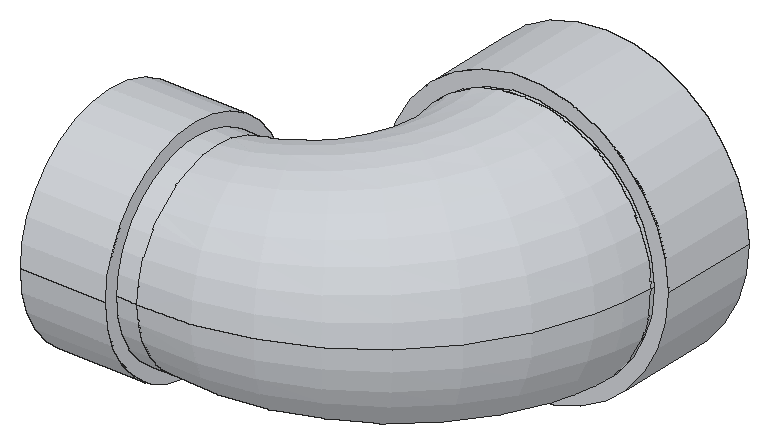
Revit family "5f4fabd4b5d1463e874faef75e58d9a2", category Pipe Fittings, Revit 2021
Family settings
  Round Connector Dimension = Use Radius
  Part Type = Elbow
  OmniClass Number = 23.60.30.11.14
  OmniClass Title = Pipework Fittings
  Seek Item ID = Closet Bend Reducing - PVC - Sch 40 - DWV-0000-USA-ENU
  Work Plane-Based = No
  Always vertical = Yes
  Cut with Voids When Loaded = No
  Shared = No
Parameters (values of type "Standard")
  Wall Thickness 2 [instance] = size_lookup(Lookup Table Name, "WThk", 0.02 * Nominal Diameter 2 + 33/256", Nominal Diameter 2)  # 1/4"
  Wall Thickness 1 [instance] = size_lookup(Lookup Table Name, "WThk", 0.02 * Nominal Diameter 1 + 33/256", Nominal Diameter 1)  # 0.219"
  Tick Size 2 [instance] = Fitting Outside Diameter 2 * 0.4  # 1.8"
  Tick Size 1 [instance] = Fitting Outside Diameter 1 * 0.4  # 1.4"
  Socket Outside Radius 2 [instance] = Socket Outside Diameter 2 / 2  # 2.51"
  Socket Outside Radius 1 [instance] = Socket Outside Diameter 1 / 2  # 1.979"
  Socket Outside Diameter 2 [instance] = Socket Entrance Diameter 2 + Wall Thickness 2 * 2  # 5.02"
  Socket Outside Diameter 1 [instance] = Socket Entrance Diameter 1 + Wall Thickness 1 * 2  # 3.958"
  Loss Method = Not Defined
  Lookup Table Name = "Closet Bend Reducing - PVC - Sch 40 - DWV"
  Length 6 [instance] = Socket Depth 2 * sin(Angle)  # 1 3/4"
  Length 5 [instance] = Socket Depth 2 * cos(Angle)  # 0"
  Socket Entrance Diameter 2 [instance] = size_lookup(Lookup Table Name, "SED", 1.04 * Nominal Diameter 2 + 95/256", Nominal Diameter 2)  # 4.52"
  Socket Entrance Diameter 1 [instance] = size_lookup(Lookup Table Name, "SED", 1.04 * Nominal Diameter 1 + 95/256", Nominal Diameter 1)  # 3.52"
  Socket Depth 2 [instance] = size_lookup(Lookup Table Name, "SDpt", 0.5 * Nominal Diameter 2, Nominal Diameter 2)  # 1 3/4"
  Socket Depth 1 [instance] = size_lookup(Lookup Table Name, "SDpt", 0.5 * Nominal Diameter 1, Nominal Diameter 1)  # 1 1/2"
  Nominal Radius 2 [instance] = 2"
  Nominal Radius 1 [instance] = 1 1/2"
  Nominal Diameter 2 [instance] = Nominal Radius 2 * 2  # 4"
  Nominal Diameter 1 [instance] = Nominal Radius 1 * 2  # 3"
  Min Nominal Diameter 12 [instance] = if(Nominal Diameter 1 < Nominal Diameter 2, Nominal Diameter 1, Nominal Diameter 2)  # 3"
  Min Center to Socket Bottom 12 [instance] = if(Center to Socket Bottom 1 < Center to Socket Bottom 2, Center to Socket Bottom 1, Center to Socket Bottom 2)  # 3"
  Max Socket Outside Radius 12 [instance] = if(Socket Outside Radius 1 > Socket Outside Radius 2, Socket Outside Radius 1, Socket Outside Radius 2)  # 2.51"
  Max Nominal Diameter 12 [instance] = if(Nominal Diameter 1 > Nominal Diameter 2, Nominal Diameter 1, Nominal Diameter 2)  # 4"
  Max Center to Socket Bottom 12 [instance] = if(Center to Socket Bottom 1 > Center to Socket Bottom 2, Center to Socket Bottom 1, Center to Socket Bottom 2)  # 3 3/8"
  Length 8 [instance] = Length 4 Label * sin(Angle)  # 1/16"
  Length 7 [instance] = Length 4 Label * cos(Angle)  # 0"
  Length 4 Label [instance] = if(Length 4 > 1/16", Length 4, 1/16")  # 1/16"
  Length 4 [instance] = if(Nominal Diameter 1 > Nominal Diameter 2, abs(Center to Socket Bottom 1 - Center to Socket Bottom 2), 1/32")  # 1/32"
  Length 3 [instance] = if(Nominal Diameter 1 > Nominal Diameter 2, Max Center to Socket Bottom 12, Min Center to Socket Bottom 12)  # 3"
  Length 2 Label [instance] = if(Length 2 > 1/16", Length 2, 1/16")  # 3/8"
  Length 2 [instance] = if(Nominal Diameter 1 < Nominal Diameter 2, abs(Max Center to Socket Bottom 12 - Length 1), 1/32")  # 3/8"
  Length 1 [instance] = Center Radius Label * tan(Angle / 2)  # 3"
  Fitting Outside Radius 2 [instance] = Fitting Outside Diameter 2 / 2  # 2 1/4"
  Fitting Outside Radius 1 [instance] = Fitting Outside Diameter 1 / 2  # 1 3/4"
  Fitting Outside Diameter 2 [instance] = size_lookup(Lookup Table Name, "FOD", 1.04 * Nominal Diameter 2 + 23/64", Nominal Diameter 2)  # 4 1/2"
  Fitting Outside Diameter 1 [instance] = size_lookup(Lookup Table Name, "FOD", 1.04 * Nominal Diameter 1 + 23/64", Nominal Diameter 1)  # 3 1/2"
  Default Elevation = 0' - 0"
  Center to Socket Bottom 2 [instance] = size_lookup(Lookup Table Name, "CtSB2", 0.75 * Max Nominal Diameter 12, Nominal Diameter 1, Nominal Diameter 2)  # 3"
  Center to Socket Bottom 1 [instance] = size_lookup(Lookup Table Name, "CtSB1", 0.84 * Max Nominal Diameter 12, Nominal Diameter 1, Nominal Diameter 2)  # 3 3/8"
  Center Radius Label [instance] = if(Center Radius > Max Socket Outside Radius 12, Center Radius, Max Socket Outside Radius 12 + 1/2")  # 3"
  Center Radius [instance] = Min Center to Socket Bottom 12 / tan(Angle / 2)  # 3"
  Length 10 [instance] = Center Radius Label - Center Radius Label * cos(Angle)  # 3"
  Length 9 [instance] = Center Radius Label * sin(Angle)  # 3"
  Angle [instance] = 90.00°
Reference planes (in)
  plane 1 "Center (Front/Back)": y = 0
  plane 2: z = 0
  plane 3 "Center (Left/Right)": x = 0
  plane 4: x = -3
  plane 5: y = 3
  plane 6: y = 3
  plane 7: x = 0
  plane 8: y = 3.0625
  plane 9: x = 0
  plane 10: y = 4.8125
  plane 11: x = 0
  plane 12: y = 1.4
  plane 13: y = -1.4
  plane 14: x = -3.375
  plane 15: x = -4.875
Forms (in)
  SweptBlend 1, solid, detail levels fine
    path in 3D
      loop
        arc (-3, 0, 0) -> (-0.87868, 0.87868, 0) -> (0, 3, 0) r 3
    profile origin (-3, 0, 0) x (0, 1, 0) y (0, 0, 1)
      loop
        circle (0, 0) r 1.75
    end profile origin (0, 3, 0) x (-1, 0, 0) y (0, 0, 1)
      loop
        circle (0, 0) r 2.25
  Sweep 2, solid, detail levels fine
    path in 3D
      loop
        line (0, 3, 0) -> (0, 3.0625, 0)
    profile origin (0, 3.03125, 0) x (-1, 0, 0) y (0, 0, 1)
      loop
        circle (0, 0) r 2.25
  Sweep 3, solid, detail levels fine
    path in 3D
      loop
        line (0, 3.0625, 0) -> (0, 4.8125, 0)
    profile origin (0, 3.9375, 0) x (-1, 0, 0) y (0, 0, 1)
      loop
        circle (0, 0) r 2.51
  Sweep 4, solid, detail levels fine
    path in 3D
      loop
        line (-4.875, 0, 0) -> (-3.375, 0, 0)
    profile origin (-4.125, 0, 0) x (0, 1, 0) y (0, 0, 1)
      loop
        circle (0, 0) r 1.979
  Sweep 5, solid, detail levels fine
    path in 3D
      loop
        line (-3.375, 0, 0) -> (-3, 0, 0)
    profile origin (-3.1875, 0, 0) x (0, 1, 0) y (0, 0, 1)
      loop
        circle (0, 0) r 1.75
Cuts and joins
  joined: SweptBlend 1, Sweep 2, Sweep 3, Sweep 4, Sweep 5
Lines and regions (in)
  model lines, detail levels coarse+medium
    curve 1: arc (-3, 0, 0) -> (-0.87868, 0.87868, 0) -> (0, 3, 0) r 3
    curve 2: line (0, 3, 0) -> (0, 3.0625, 0)
    curve 3: line (0, 3.0625, 0) -> (0, 4.8125, 0)
    curve 8: line (0, 4.8125, 0) -> (-1.8, 4.8125, 0)
    curve 9: line (0, 4.8125, 0) -> (1.8, 4.8125, 0)
    curve 14: line (-4.875, 0, 0) -> (-3, 0, 0)
    curve 15: line (-4.875, 1.4, 0) -> (-4.875, -1.4, 0)
  sketch lines
    curve 4: arc (-3, 0, 0) -> (-0.87868, 0.87868, 0) -> (0, 3, 0) r 3
    curve 5: line (0, 3, 0) -> (0, 3.0625, 0)
    curve 6: line (0, 3.0625, 0) -> (0, 4.8125, 0)
    curve 12: line (-4.875, 0, 0) -> (-3.375, 0, 0)
    curve 13: line (-3.375, 0, 0) -> (-3, 0, 0)
  reference lines
    curve 7: line (0, 4.8125, 0) -> (0, 3.0625, 0)
    curve 10: line (-4.875, 0, 0) -> (-3.375, 0, 0)
    curve 11: line (-3.375, 0, 0) -> (-3, 0, 0)
Dimensions and locks (in)
  "Center Radius Label": plane 5 to plane 1 "Center (Front/Back)"
  "Length 1": plane 4 to plane 3 "Center (Left/Right)"
  "Length 9": plane 4 to plane 7
  "Length 10": plane 6 to plane 1 "Center (Front/Back)"
  "Length 4 Label": curve 2 to curve 2
  "Length 8": plane 8 to plane 6
  "Length 7": plane 7 to plane 9
  "Socket Depth 2": curve 3 to curve 3
  "Length 6": plane 10 to plane 8
  "Length 5": plane 9 to plane 11
  "Tick Size 1": plane 12 to plane 1 "Center (Front/Back)"
  "Tick Size 1": plane 13 to plane 1 "Center (Front/Back)"
  "Tick Size 2": curve 8 to curve 8
  "Tick Size 2": curve 9 to curve 9
  "Length 2 Label": plane 14 to plane 4
  "Socket Depth 1": plane 15 to plane 14
  "Center Radius Label": radius of curve 1
  "Fitting Outside Radius 1": radius of SweptBlend 1 sketch curve
  "Fitting Outside Radius 2": radius of SweptBlend 1 sketch curve
  "Fitting Outside Radius 2": radius of Sweep 2 sketch curve
  "Socket Outside Radius 2": radius of Sweep 3 sketch curve
  "Socket Outside Radius 1": radius of Sweep 4 sketch curve
  "Fitting Outside Radius 1": radius of Sweep 5 sketch curve
  "Angle": angle curve 1 to curve 1
  "Angle": angle plane 6 to curve 2
  "Angle": angle plane 8 to curve 3
  "Angle": angle plane 8 to curve 7
  locked: curve 8 to curve 7 (angle 90.00°)
  locked: curve 7 to curve 9 (angle 90.00°)
  aligned and locked: plane 5 to curve 1
  aligned and locked: plane 10 to curve 7
  aligned and locked: plane 11 to curve 7
  aligned and locked: plane 15 to curve 10
  aligned and locked: plane 1 "Center (Front/Back)" to curve 10
  aligned and locked: plane 14 to curve 11
  aligned and locked: plane 4 to curve 11
  aligned and locked: plane 1 "Center (Front/Back)" to curve 11
  aligned and locked: plane 15 to curve 14
  aligned and locked: plane 4 to curve 14
  aligned and locked: plane 1 "Center (Front/Back)" to curve 14
  aligned and locked: plane 12 to curve 15
  aligned and locked: plane 13 to curve 15
  aligned and locked: curve 15 to plane 15
Automatic sketch dimensions
  curve 1 to plane 4 = 0' - 0"
  SweptBlend 1 sketch curve to profile plane = 0' - 0"  (x4)
  Sweep 2 sketch curve to profile plane = 0' - 0"  (x2)
  Sweep 3 sketch curve to profile plane = 0' - 0"  (x2)
  Sweep 4 sketch curve to profile plane = 0' - 0"  (x2)
  Sweep 5 sketch curve to profile plane = 0' - 0"  (x2)
Connectors (in)
  piping at (-4.875, 0, 0), diameter 3, driven by "Angle", driven by "Nominal Radius 1"
    settings: on cut or joined group of SweptBlend 1, Sweep 2, Sweep 3, Sweep 4, Sweep 5, index 1, connector inside diameter 3", connector length 0' - 0", flow factor 0, pipe flow 0 GPM, pressure drop 0.00 psi, fitting loss kfactor 0, connector angle 90.00°, fixture units 0, engagement length 0' - 0", angle of deflection 0.00°, flow configuration 0, flow direction 0, fitting loss method 0, system type 28, joint type 0, gender type 0, connector reference index 2, connector utility 0, adjustable connector no, is connector primary yes, connector description ""
  piping at (0, 4.8125, 0), diameter 4, driven by "Angle", driven by "Nominal Radius 2"
    settings: on cut or joined group of SweptBlend 1, Sweep 2, Sweep 3, Sweep 4, Sweep 5, index 2, connector inside diameter 4", connector length 0' - 0", flow factor 0, pipe flow 0 GPM, pressure drop 0.00 psi, fitting loss kfactor 0, connector angle 90.00°, fixture units 0, engagement length 0' - 0", angle of deflection 0.00°, flow configuration 0, flow direction 0, fitting loss method 0, system type 28, joint type 0, gender type 0, connector reference index 1, connector utility 0, adjustable connector no, is connector primary no, connector description ""
